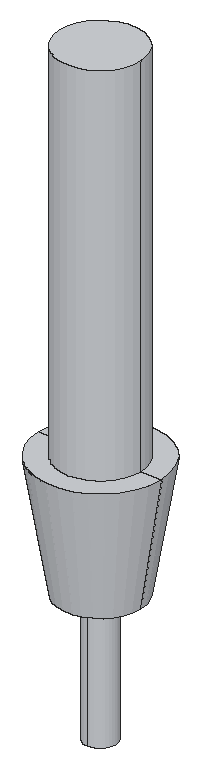
Revit family "FP_SPRNK_PEND_WITH_DROP_WTA", category Sprinklers, Revit 2016
Family settings
  Maintain Annotation Orientation = Yes
  Part Type = Normal
  Round Connector Dimension = Use Diameter
  OmniClass Number = 23.65.70.17.11.24
  OmniClass Title = Fire Fighting Sprinkler Heads
  Work Plane-Based = No
  Always vertical = Yes
  Cut with Voids When Loaded = No
  Shared = No
  Room Calculation Point = No
Parameters (values of type "Recessed-STD")
  Temperature Rating = 155 °F
  SprnkPipeDropLength [instance] = 0' - 8"
  Response = Quick
  ReducerFittingLen = 0' - 1.75656"
  Pressure Drop [instance] = 7.00 psi
  Pressure Class = Standard
  PipeDropRad = 0' - 0 21/32"
  Overall Length = 2 3/8"
  Orifice Size = 1/2"
  Orifice = Standard
  K-Factor = 5.6
  Z-IsRecSTD = yes
  Z-IsRecEC = no
  Z-IsPenSTD = no
  Z-IsPenEC = no
  Z-IsConSTD = no
  Z-IsConEC = no
  Flow [instance] = 15 GPM
  Diameter = 1/2"
  Coverage = Standard
  Nominal Diameter = Nominal Radius * 2  # 1/2"
  Nominal Radius = 1/4"
  CEL = 1/4"
  Assembly Code = ""
  A2 = 0' - 0 21/32"
  A1 = 0' - 0 255/256"
Types (6): name | Pressure Drop | K-Factor | Z-IsRecSTD | Z-IsRecEC | Z-IsPenSTD | Z-IsPenEC | Z-IsConSTD | Z-IsConEC | Flow | Coverage
  Concealed-STD | 7.00 psi | 5.6 | no | no | no | no | yes | no | 15 GPM | Standard
  Concealed-EC | 25.00 psi | 8 | no | no | no | no | no | yes | 40 GPM | Extended
  Recessed-STD | 7.00 psi | 5.6 | yes | no | no | no | no | no | 15 GPM | Standard
  Recessed-EC | 7.00 psi | 8 | no | yes | no | no | no | no | 40 GPM | Extended
  Pendent-STD | 7.00 psi | 5.6 | no | no | yes | no | no | no | 15 GPM | Standard
  Pendent-EC | 25.00 psi | 8 | no | no | no | yes | no | no | 40 GPM | Extended
Reference planes (in)
  plane 1 "Center (Front/Back)": y = 0
  plane 2: z = 0
  plane 3 "Center (Left/Right)": x = 0
  plane 4: z = -2.125
  plane 5: z = 0.25
  plane 6 "RedFittingBack": z = 2.00656
  plane 7 "A2-SprnkEnd": x = 0.99609
  plane 8 "A1-DropEnd": x = 0.65625
  plane 9 "DropLenght": z = 8
Forms (in)
  Extrusion 1, solid, detail levels fine
    sketch origin (0, 0, 0) x (0, -1, 0) y (1, 0, 0)
      loop
        circle (0, 0) r 0.25
    from 0 to -2.125
  Revolve 2, solid, detail levels fine
    sketch origin (0, 0, 0) x (1, 0, 0) y (0, 0, 1)
      loop
        line (0, 0) -> (0.65625, 0) -> (0.99609, 2.00656) -> (0, 2.00656) -> (0, 0)
      axis (0, 2.00656) -> (0, 0)
    angle from 0 to 360
  Extrusion 3, solid, detail levels fine
    sketch origin (-3.81316, -180, 2.00656) x (-1, 0, 0) y (0, -1, 0)
      loop
        circle (-3.81276, -180) r 0.65625
    from 0 to 5.99344
Lines and regions (in)
  symbolic lines, style "Sprinklers", detail levels coarse+medium
    curve 1: line (0, 0, -2.125) -> (0, -0.8125, 0)
    curve 2: line (0, 0, -2.125) -> (0, 0.8125, 0)
    curve 3: line (0, 0.8125, 0) -> (0, -0.8125, 0)
    curve 4: line (0, 0.8125, -2.125) -> (0, -0.8125, -2.125)
    curve 5: line (0, 0, -2.125) -> (0.99609, 0, 0)
    curve 6: line (0, 0, -2.125) -> (-0.99609, 0, 0)
    curve 7: line (-0.99609, 0, -2.125) -> (0.99609, 0, -2.125)
    curve 9: line (-0.99609, 0, 0) -> (0.99609, 0, 0)
  model lines, style "Sprinklers", detail levels coarse+medium
    curve 8: line (0, 0, -2.125) -> (0, 0, 8)
  model lines, detail levels fine
    curve 10: circle (0, 0.00014, 0) r 0.8125 normal (0, 0, 1)
    curve 11: circle (0, 0.00014, -2.125) r 0.375 normal (0, 0, -1)
  reference lines
    curve 12: line (0, 7, 0) -> (0, -5.5, 0)
    curve 13: line (-5.75, 0, 0) -> (5.5, 0, 0)
    curve 14: line (-12, 12, 0) -> (-12, -12, 0)
    curve 15: line (-12, -12, 0) -> (12, -12, 0)
    curve 16: line (12, -12, 0) -> (12, 12, 0)
    curve 17: line (12, 12, 0) -> (-12, 12, 0)
Dimensions and locks (in)
  "Overall Length": plane 4 to plane 5
  "CEL": level to plane 5
  "ReducerFittingLen": plane 6 "RedFittingBack" to plane 5
  "A1": plane 7 "A2-SprnkEnd" to plane 3 "Center (Left/Right)"
  "A2": plane 8 "A1-DropEnd" to plane 3 "Center (Left/Right)"
  "SprnkPipeDropLength": plane 9 "DropLenght" to level
  curve 8 to plane 7 "A2-SprnkEnd" = 0' - 0 255/256"
  "Nominal Radius": radius of Extrusion 1 sketch curve
  "PipeDropRad": radius of Extrusion 3 sketch curve
  aligned and locked: Extrusion 1 to plane 4
  aligned and locked: Extrusion 1 to level
  aligned and locked: plane 6 "RedFittingBack" to Revolve 2 sketch curve
  aligned and locked: Revolve 2 sketch curve to level
  aligned and locked: plane 9 "DropLenght" to Extrusion 3
Automatic sketch dimensions
  Extrusion 1 sketch curve to plane 1 "Center (Front/Back)" = 0' - 0"
  Extrusion 1 sketch curve to plane 3 "Center (Left/Right)" = 0' - 0"
  plane 1 "Center (Front/Back)" to Extrusion 3 sketch curve = 0' - 0"
  Extrusion 3 sketch curve to plane 3 "Center (Left/Right)" = 0' - 0.00041"
  curve 1 to level = 0' - 0"
  plane 4 to curve 4 = 0' - 0"
  curve 2 to plane 1 "Center (Front/Back)" = 0' - 0"
  curve 1 to plane 1 "Center (Front/Back)" = 0' - 0"
  plane 1 "Center (Front/Back)" to curve 3 = 0' - 0 13/16"
  plane 1 "Center (Front/Back)" to curve 4 = 0' - 0 13/16"
  curve 1 to curve 4 = 0' - 0 13/16"
  curve 3 to plane 1 "Center (Front/Back)" = 0' - 0 13/16"
  Revolve 2 sketch curve to plane 3 "Center (Left/Right)" = 0' - 0"  (x2)
  Revolve 2 sketch curve to plane 8 "A1-DropEnd" = 0' - 0"
  Revolve 2 sketch curve to plane 7 "A2-SprnkEnd" = 0' - 0"
  Revolve 2 sketch curve to level = 0' - 0"
  Revolve 2 sketch curve to Revolve 2 sketch curve = 0' - 0.17481"
  curve 10 to plane 3 "Center (Left/Right)" = 0' - 0"
  curve 10 to plane 1 "Center (Front/Back)" = 0' - 0.00014"
  curve 9 to level = 0' - 0"
  plane 7 "A2-SprnkEnd" to curve 7 = 0' - 0"
  curve 5 to plane 7 "A2-SprnkEnd" = 0' - 0"
  curve 5 to plane 4 = 0' - 0"
  curve 8 to plane 9 "DropLenght" = 0' - 0"
  curve 6 to plane 3 "Center (Left/Right)" = 0' - 0 255/256"
  curve 7 to curve 8 = 0' - 0 255/256"
  curve 11 to plane 3 "Center (Left/Right)" = 0' - 0"
  plane 1 "Center (Front/Back)" to curve 11 = 0' - 0.00014"
  plane 1 "Center (Front/Back)" to curve 13 = 0' - 0"
  curve 12 to plane 3 "Center (Left/Right)" = 0' - 0"
  curve 13 to plane 3 "Center (Left/Right)" = 0' - 5 3/4"
  curve 14 to plane 3 "Center (Left/Right)" = 1' - 0"
  plane 7 "A2-SprnkEnd" to curve 13 = 0' - 4 129/256"
  plane 7 "A2-SprnkEnd" to curve 17 = 0' - 11 1/256"
  plane 1 "Center (Front/Back)" to curve 12 = 0' - 5 1/2"
  plane 1 "Center (Front/Back)" to curve 15 = 1' - 0"
  curve 12 to plane 1 "Center (Front/Back)" = 0' - 7"
  curve 16 to plane 1 "Center (Front/Back)" = 1' - 0"
  radius of curve 10 = 0' - 0 13/16"
  radius of curve 11 = 0' - 0 3/8"
Nested families (in)
  nested 1: "FP_SPRNK_SYM_CONC_EC_WTA" at (0, 0, 0), visible <- "Z-IsConEC", type "ExtendedCoverage"
  nested 2: "FP_SPRNK_SYM_PEND_EC_WTA" at (0, 0, 0), visible <- "Z-IsPenEC", type "ExtendedCoverage"
  nested 3: "FP_SPRNK_SYM_PEND_STD_WTA" at (0, 0, 0), visible <- "Z-IsPenSTD", type "StandardCoverage"
  nested 4: "FP_SPRNK_SYM_RECESSED_EC_WTA" at (0, 0, 0), visible <- "Z-IsRecEC", type "ExtendedCoverage"
  nested 5: "FP_SPRNK_SYM_RECESSED_STD_WTA" at (0, 0, 0), visible <- "Z-IsRecSTD", type "StandardCoverage"
  nested 6: "FP_SPRNK_SYM_CONC_STD_WTA" at (0, 0, 0), visible <- "Z-IsConSTD", type "StandardCoverage"
Connectors (in)
  piping at (-0.00041, 0, 8), diameter 1
    settings: on Extrusion 3, index 1, connector inside diameter 24", connector length 0' - 0", flow factor 0, pipe flow 0 GPM, pressure drop 0.00 psi, fitting loss kfactor 0, connector angle 0.00°, fixture units 0, engagement length 0' - 0", angle of deflection 0.00°, flow configuration 0, flow direction 0, fitting loss method 0, system type 29, joint type 0, gender type 0, connector reference index -1, connector utility 0, adjustable connector no, is connector primary yes, connector description "SprigUp"
Definition of nested family "FP_SPRNK_SYM_CONC_EC_WTA"
  Parameters (values of type "ExtendedCoverage")
    Symbol Radius = 0.25 * Symbol Diameter  # 0' - 0 1/32"
    Symbol Diameter = 0' - 0 1/8"
  Reference planes (in)
    plane 1: y = 0
    plane 2: x = 0
  Lines and regions (in)
    detail lines
      curve 1: circle (0, 0, 0) r 0.03125 normal (0, 0, 1)
      curve 2: circle (-0.00041, 0.00014, 0) r 0.07813 normal (0, 0, 1)
      curve 3: line (-0.05538, -0.05538, 0) -> (0.05511, 0.05511, 0)
      curve 4: line (-0.05565, 0.05538, 0) -> (0.05483, -0.05511, 0)
  Dimensions and locks (in)
    "Symbol Radius": radius of curve 1
Definition of nested family "FP_SPRNK_SYM_PEND_EC_WTA"
  Parameters (values of type "ExtendedCoverage")
    Symbol Radius = 0.25 * Symbol Diameter  # 0' - 0 1/32"
    Symbol Diameter = 0' - 0 1/8"
  Reference planes (in)
    plane 1: y = 0
    plane 2: x = 0
  Lines and regions (in)
    detail lines
      curve 1: circle (0, 0, 0) r 0.03125 normal (0, 0, 1)
      curve 2: line (0, 0.07775, 0) -> (-0.07394, 0.02402, 0)
      curve 3: line (0.07394, 0.02402, 0) -> (0, 0.07775, 0)
      curve 4: line (0.0457, -0.0629, 0) -> (0.07394, 0.02402, 0)
      curve 5: line (-0.0457, -0.0629, 0) -> (0.0457, -0.0629, 0)
      curve 6: line (-0.07394, 0.02402, 0) -> (-0.0457, -0.0629, 0)
      curve 7: line (-0.04503, 0.04503, 0) -> (0.04992, -0.04992, 0)
      curve 8: line (-0.04992, -0.04992, 0) -> (0.04503, 0.04503, 0)
  Dimensions and locks (in)
    "Symbol Radius": radius of curve 1
Definition of nested family "FP_SPRNK_SYM_PEND_STD_WTA"
  Parameters (values of type "StandardCoverage")
    Symbol Radius = 0.25 * Symbol Diameter  # 0' - 0 1/32"
    Symbol Diameter = 0' - 0 1/8"
  Reference planes (in)
    plane 1: y = 0
    plane 2: x = 0
  Lines and regions (in)
    detail lines
      curve 1: circle (0, 0, 0) r 0.03125 normal (0, 0, 1)
      curve 2: line (0, 0.07775, 0) -> (-0.07394, 0.02402, 0)
      curve 3: line (0.07394, 0.02402, 0) -> (0, 0.07775, 0)
      curve 4: line (0.0457, -0.0629, 0) -> (0.07394, 0.02402, 0)
      curve 5: line (-0.0457, -0.0629, 0) -> (0.0457, -0.0629, 0)
      curve 6: line (-0.07394, 0.02402, 0) -> (-0.0457, -0.0629, 0)
  Dimensions and locks (in)
    "Symbol Radius": radius of curve 1
Definition of nested family "FP_SPRNK_SYM_RECESSED_EC_WTA"
  Parameters (values of type "ExtendedCoverage")
    Symbol Radius = 0.25 * Symbol Diameter  # 0' - 0 1/32"
    Symbol Diameter = 0' - 0 1/8"
  Reference planes (in)
    plane 1: y = 0
    plane 2: x = 0
  Lines and regions (in)
    detail lines
      curve 1: circle (0, 0, 0) r 0.03125 normal (0, 0, 1)
      curve 2: arc (-0.07183, -0.02975, 0) -> (-0.05497, -0.05497, 0) -> (-0.02975, -0.07183, 0) r 0.07775
      curve 3: arc (-0.02975, 0.07183, 0) -> (-0.05497, 0.05497, 0) -> (-0.07183, 0.02975, 0) r 0.07775
      curve 4: arc (0.07183, 0.02975, 0) -> (0.05497, 0.05497, 0) -> (0.02975, 0.07183, 0) r 0.07775
      curve 5: arc (0.02975, -0.07183, 0) -> (0.05497, -0.05497, 0) -> (0.07183, -0.02975, 0) r 0.07775
      curve 6: line (-0.05497, -0.05497, 0) -> (0.05497, 0.05497, 0)
      curve 7: line (-0.05497, 0.05497, 0) -> (0.05497, -0.05497, 0)
  Dimensions and locks (in)
    "Symbol Radius": radius of curve 1
Definition of nested family "FP_SPRNK_SYM_RECESSED_STD_WTA"
  Parameters (values of type "StandardCoverage")
    Symbol Radius = 0.25 * Symbol Diameter  # 0' - 0 1/32"
    Symbol Diameter = 0' - 0 1/8"
  Reference planes (in)
    plane 1: y = 0
    plane 2: x = 0
  Lines and regions (in)
    detail lines
      curve 1: circle (0, 0, 0) r 0.03125 normal (0, 0, 1)
      curve 2: arc (-0.07183, -0.02975, 0) -> (-0.05497, -0.05497, 0) -> (-0.02975, -0.07183, 0) r 0.07775
      curve 3: arc (-0.02975, 0.07183, 0) -> (-0.05497, 0.05497, 0) -> (-0.07183, 0.02975, 0) r 0.07775
      curve 4: arc (0.07183, 0.02975, 0) -> (0.05497, 0.05497, 0) -> (0.02975, 0.07183, 0) r 0.07775
      curve 5: arc (0.02975, -0.07183, 0) -> (0.05497, -0.05497, 0) -> (0.07183, -0.02975, 0) r 0.07775
  Dimensions and locks (in)
    "Symbol Radius": radius of curve 1
Definition of nested family "FP_SPRNK_SYM_CONC_STD_WTA"
  Parameters (values of type "StandardCoverage")
    Symbol Radius = 0.25 * Symbol Diameter  # 0' - 0 1/32"
    Symbol Diameter = 0' - 0 1/8"
  Reference planes (in)
    plane 1: y = 0
    plane 2: x = 0
  Lines and regions (in)
    detail lines
      curve 1: circle (0, 0, 0) r 0.03125 normal (0, 0, 1)
      curve 2: circle (-0.00041, 0.00014, 0) r 0.07813 normal (0, 0, 1)
  Dimensions and locks (in)
    "Symbol Radius": radius of curve 1
